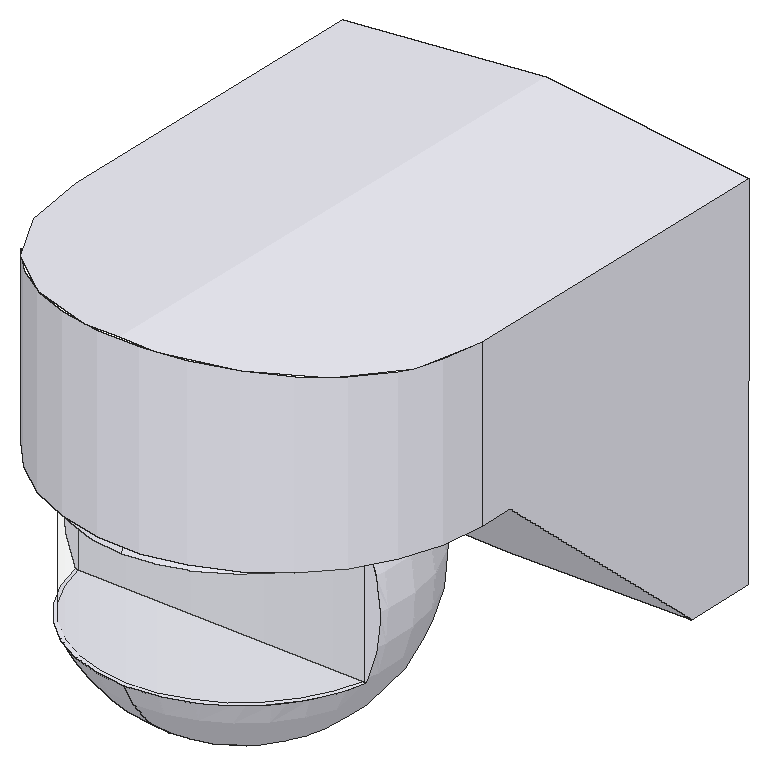
Revit family "LC 200 types Sans hôte", category Dispositifs d'éclairage, Revit 2019
Family settings
  Conserver l'orientation des annotations = Non
  Cote de connecteur circulaire = Utiliser le diamètre
  Type d'élément = Normal
  Basée sur le plan de construction = Non
  Toujours verticalement = Oui
  Couper avec des vides une fois chargée = Non
  Partagée = Non
  Point de calcul de pièce = Non
Parameters (values of type "01- LC 200 Générique")
  Zone de détection [instance] = no
  URL = "http://www.luxomat.com"
  Type de Sortie = ""
  Température ambiante = "-25°C à + 50°C"
  Référence = ""
  Relais = ""
  Position en hauteur = Elévation par défaut  # 250 cm
  Portée frontale [instance] = 400 cm  # constant formula
  Portée de biais [instance] = 1200 cm  # constant formula
  Modèle = "LC 200"
  Mode de pose = "Mural"
  Marque = "LUXOMAT"
  Image du type = MURAL.JPG
  IP = "54"
  Hauteur de montage max préconisée [instance] = Hauteur de montage max  # 400 cm
  Hauteur de montage max = 400 cm
  Fabricant = "B.E.G."
  Etiquette [instance] = yes
  Elévation par défaut = 250 cm
  Consommation = ""
  Commentaires du type = "DET.MOUV.200°/12M MURAL"
  Code d'assemblage = "D5010200"
  Classe = "II"
  Charge LED = ""
  Charge Cos ɸ =1 = ""
  Charge Cos ɸ =0.5 = ""
  Alimentation = "110-240 V AC"
Types (3, lengths in cm): name | Type de Sortie | Référence | Relais | Modèle | IP | Consommation | Commentaires du type | Charge LED | Charge Cos ɸ =1 | Charge Cos ɸ =0.5
  01- LC 200 Générique | "" | "" | "" | "LC 200" | "54" | "" | "DET.MOUV.200°/12M MURAL" | "" | "" | ""
  02- LC N 200 réf 91002 | "TOR" | "91002" | "4.3 A" | "LC N 200" | "54" | "0.4 W" | "DET.MOUV.1 CONTACT.200°/12M MURAL" | "200 W" | "1000 W" | "500 VA"
  03- LC 200 réf 91102 | "TOR" | "91102" | "4.3 A" | "LC 200" | "44" | "0.4 W" | "DET.MOUV.1 CONTACT.200°/12M MURAL SANS DETECTION VERTICALE" | "0" | "1000 W" | "500 VA"
Reference planes (cm)
  plane 1 "Centre (avant/arrière)": y = 0
  plane 2: z = 0
  plane 3 "Centre (gauche/droite)": x = 0
Dimensions and locks (cm)
  aligned and locked: level to plane 2
  aligned and locked: plane 3 "Centre (gauche/droite)" to nested 3
  aligned and locked: plane 1 "Centre (avant/arrière)" to nested 3
  aligned and locked: nested 4 to plane 3 "Centre (gauche/droite)"
  aligned and locked: nested 4 to plane 1 "Centre (avant/arrière)"
Nested families (cm)
  nested 1: "Symbole Mural 2D" at (0, 0, 0) x (-1, 0, 0) z (0, 0, 1), type "Symbole Mural 2D"
  nested 2: "Famille1" at (0, 1.2478, 0), modele <- "Modèle", référence <- "Référence", visible <- "Etiquette", type "Famille1"
    with référence "", modele "LC 200"
  nested 3: "M LC Click" at (0, 0, 0), type "M LC Click"
  nested 4: "zone C" at (0, 0, 0), visible <- "Zone de détection", type "zone C"
    with frontale 600 cm, biais 1000 cm
Connectors (cm)
  electrical at (0, 0, 0)
    settings: index 1, voltage 230 V, apparent load 0 VA, apparent load phase1 0 VA, apparent load phase2 0 VA, apparent load phase3 0 VA, power factor 1, load classification "Eclairage", number of poles 1, system type 31, power factor state 1, is connector primary yes, connector utility no, sub classification motor no, connector description ""
Definition of nested family "M LC Click"
  Reference planes (cm)
    plane 1 "Centre (avant/arrière)": y = 0
    plane 2: z = 0
    plane 3 "Centre (gauche/droite)": x = 0
  Forms (cm)
    Extrusion 1, solid
      sketch origin (0, 0, 0) x (1, 0, 0) y (0, 0, 1)
        loop
          line (-3.9, 3.5) -> (-3.9, -3.5)
          arc (-3.9, -3.5) -> (0, -3.9001) -> (3.9, -3.5) r 19.21
          line (3.9, -3.5) -> (3.9, 3.5)
          arc (3.9, 3.5) -> (0, 3.9001) -> (-3.9, 3.5) r 19.21
      from 0 to 11.4406
    Extrusion 2, void
      sketch origin (0, 0, 0) x (0, 1, 0) y (0, 0, 1)
        loop
          line (0, -3.9001) -> (-0.91, -3.9001) -> (-5.73, 0.3299) -> (-11.4406, 0.3299) -> (-11.4406, -5.1701) -> (0, -5.1701) -> (0, -3.9001)
      from -3.9 to 3.9
    Extrusion 3, void
      sketch origin (0, 0, 0) x (1, 0, 0) y (0, 1, 0)
        loop
          line (-3.9, -6.4) -> (-4.4, -6.4) -> (-4.4, -12.9) -> (4.4, -12.9) -> (4.4, -6.4) -> (3.9, -6.4)
          arc (3.9, -6.4) -> (0, -10.3) -> (-3.9, -6.4) r 3.9
      from 0 to 5.9091
    Revolve 4, solid
      sketch origin (0, 0, 0) x (0, 1, 0) y (0, 0, 1)
        loop
          line (-7.3, 0.3999) -> (-7.3, -3.4501) -> (-5.56, -3.4501)
          arc (-5.56, -3.4501) -> (-4.302, -1.725) -> (-4.51, 0.3999) r 3
          line (-4.51, 0.3999) -> (-7.3, 0.3999)
        axis (-7.3, 0.3999) -> (-7.3, -3.4501)
      angle from 0 to 360
    Revolve 5, solid
      sketch origin (0, 0, 0) x (0, 1, 0) y (0, 0, 1)
        loop
          line (-7.3, -3.4501) -> (-8.95, -3.4501)
          arc (-8.95, -3.4501) -> (-8.1867, -3.9316) -> (-7.3, -4.1001) r 2.42
          line (-7.3, -4.1001) -> (-7.3, -3.4501)
        axis (-7.3, -3.4501) -> (-7.3, -4.1001)
      angle from 90 to -90
    Revolve 6, solid
      sketch origin (0, -14.6, 0) x (0, -1, 0) y (0, 0, 1)
        loop
          line (-7.3, -3.4501) -> (-8.95, -3.4501)
          arc (-8.95, -3.4501) -> (-8.1867, -3.9316) -> (-7.3, -4.1001) r 2.42
          line (-7.3, -4.1001) -> (-7.3, -3.4501)
        axis (-7.3, -3.4501) -> (-7.3, -4.1001)
      angle from 90 to -90
    Extrusion 7, void
      sketch origin (0, 0, 0) x (0, 1, 0) y (0, 0, 1)
        loop
          line (-10.5676, 0.1499) -> (-10.5676, -2.1501) -> (-7.8, -2.1501) -> (-7.8, 0.1499) -> (-10.5676, 0.1499)
      from -4.4 to 3.9
    Extrusion 8, solid
      sketch origin (0, 0, 0) x (1, 0, 0) y (0, 1, 0)
        loop
          line (0, -7.8) -> (-2.75, -7.8)
          arc (-2.75, -7.8) -> (0, -10.0732) -> (2.75, -7.8) r 2.8
          line (2.75, -7.8) -> (0, -7.8)
      from -2.1501 to 0.1499
  Cuts and joins
    Extrusion 2, Extrusion 3, Extrusion 7 cuts Extrusion 1
    Extrusion 7 cuts Revolve 4
    joined: Extrusion 1, Revolve 4
  Dimensions and locks (cm)
    aligned and locked: level to plane 2
Definition of nested family "Symbole Mural 2D"
  Reference planes (cm)
    plane 1: y = 0
    plane 2: x = 0
  Lines and regions (cm)
    Filled region 1, type "rouge"
      outline origin (0, 0, 0) x (1, 0, 0) y (0, 1, 0)
        loop
          circle (0, 0) r 0.0294
    detail lines
      curve 1: arc (-0.0294, 0, 0) -> (0, -0.0294, 0) -> (0.0294, 0, 0) r 0.0294
      curve 2: arc (0.0294, 0, 0) -> (0, 0.0294, 0) -> (-0.0294, 0, 0) r 0.0294
      curve 3: arc (0.102, 0.1767, 0) -> (0, 0.204, 0) -> (-0.102, 0.1767, 0) r 0.204
      curve 4: arc (0.081, 0.1403, 0) -> (0, 0.162, 0) -> (-0.081, 0.1403, 0) r 0.162
      curve 5: arc (0.06, 0.1039, 0) -> (0, 0.12, 0) -> (-0.06, 0.1039, 0) r 0.12
Definition of nested family "Famille1"
  Parameters (values of type "Famille1")
    référence [instance] = ""
    modele [instance] = ""
  Reference planes (cm)
    plane 1: y = 0
    plane 2: x = 0
  Text (cm)
    label "référence\nmodele" at (0.0074, -0.6424, 0), shows "référence", "modele"
Definition of nested family "zone C"
  Parameters (values of type "zone C")
    frontale [instance] = 600 cm
    biais [instance] = 1000 cm
  Reference planes (cm)
    plane 1 "Centre (avant/arrière)": y = 0
    plane 2: z = 0
    plane 3 "Centre (gauche/droite)": x = 0
    plane 4: y = 400
    plane 5: y = 200
    plane 6: y = 1200
    plane 7: x = -500
    plane 8: x = 500
    plane 9: through (0, 0, 400) normal (-0.342, -0.9397, 0)
    plane 10: through (0, 0, 400) normal (-0.342, 0.9397, 0)
  Lines and regions (cm)
    detail lines, in view "Niveau de réf."
      curve 1: arc (400, 0, 0) -> (0, 400, 0) -> (-400, 0, 0) r 400
      curve 2: line (500, 0, 0) -> (-500, 0, 0)
      curve 3: spline (-500, 0, 0) -> (-482.9629, 310.5829, 0) -> (-433.0127, 600, 0) -> (-353.5534, 848.5281, 0) -> (-250, 1039.2305, 0) -> (-129.4095, 1159.111, 0) -> (0, 1200, 0) -> (129.4095, 1159.111, 0) -> (250, 1039.2305, 0) -> (353.5534, 848.5281, 0) -> (433.0127, 600, 0) -> (482.9629, 310.5829, 0) -> (500, 0, 0)
      curve 4: line (-334.121, 514.44, 0) -> (-251.1759, 514.44, 0)
      curve 5: line (-251.1759, 514.44, 0) -> (-279.5443, 536.6038, 0)
      curve 6: line (-251.1759, 514.44, 0) -> (-279.5443, 492.2761, 0)
      curve 10: line (0, 326.875, 0) -> (0, 243.93, 0)
      curve 11: line (0, 243.93, 0) -> (22.1638, 272.2984, 0)
      curve 12: line (0, 243.93, 0) -> (-22.1638, 272.2984, 0)
    detail lines, in view "Niveau de réf.", not visible
      curve 7: line (627.3725, -64.2741, 0) -> (628.0656, 18.6681, 0)
      curve 8: line (628.0656, 18.6681, 0) -> (605.6655, -9.5141, 0)
      curve 9: line (628.0656, 18.6681, 0) -> (649.9916, -9.8845, 0)
      curve 13: line (1028.0656, -276.777, 0) -> (1028.0656, -193.8319, 0)
      curve 14: line (1028.0656, -193.8319, 0) -> (1005.9018, -222.2003, 0)
      curve 15: line (1028.0656, -193.8319, 0) -> (1050.2294, -222.2003, 0)
